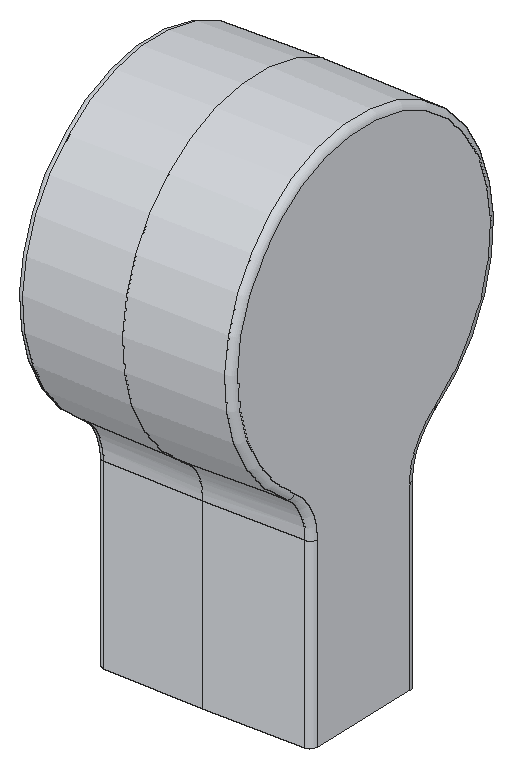
Revit family "Accessory-Robe_Hook-KOHLER-SINGULIER-K-15209T", category Specialty Equipment, host Face, Revit 2017
Family settings
  Host = Face
  Round Connector Dimension = Use Diameter
  Part Type = Normal
  OmniClass Number = 23.31.25.27
  OmniClass Title = Robe Hooks
  Cut with Voids When Loaded = No
  Shared = No
  Room Calculation Point = No
Parameters (values of type "CP- Polished Chrome Plating")
  Width = 1 23/128"  # constant formula
  WaterSense Certified = 1 = 0  # no
  URL = "http://www.kohler.com.cn/en/"
  Type = 1
  Product Page URL = "https://www.kohler.com.cn/product/K-15209T-CP/K-15209T-CP/"
  Product Name = "SINGULIER"  # constant formula
  Product Documentation Link = "https://files.kohler.com.cn/pdfs/k_15205t_22t.pdf"
  Model = if(Type = 1, "K-15209T-CP", "Not available")  # "K-15209T-CP"
  Material = "Metal Construction"  # constant formula
  Master Format 2014 Name = "Toilet, Bath, and Laundry Accessories"  # constant formula
  Master Format 2014 = "10 28 00"  # constant formula
  Manufacturer Address = "No. 158 Jiang Chang San Road, Zhabei District, Shanghai, China"  # constant formula
  Manufacturer = "KOHLER Co."  # constant formula
  Length = 2 61/64"  # constant formula
  Height = 1 213/256"  # constant formula
  Finish = Kohler-Metal-CP-Polished_Chrome
  Environmental Product Declaration = ""
  Description = " single hook"  # constant formula
  Default Elevation = 42"
  Declare Label = ""
  Date Modified = "07/13/2020"  # constant formula
  Date Created = "07/13/2020"  # constant formula
  Copyright = "Copyright KOHLER Co."  # constant formula
  Contact Us = "http://www.kohler.com.cn/en/contact/contact-us/"
  Assembly Code = "C1030200"
  ADA Compliant = 1 = 0  # no
Reference planes (in)
  plane 1 "Center (Front/Back)": y = 0
  plane 2: z = 0
  plane 3 "Center (Left/Right)": x = 0
  plane 4: x = -0.59055
  plane 5: x = 0.59055
  plane 6: y = 0.91535
  plane 7: x = 0.59055
  plane 8: x = -0.58914
  plane 9: y = -0.91668
  plane 10: z = 2.95312
Dimensions and locks (in)
  "Width": plane 8 to plane 7
  "Length": plane 10 to level
  "Height": plane 6 to plane 9
  aligned and locked: plane 2 to host face
  aligned and locked: level to host face
Automatic sketch dimensions
  host sketch curve to host sketch curve = 96"  (x2)
Nested families (in)
  nested 1: "K-15209T" at (0, 0, 0), type "K-15209T"
Definition of nested family "K-15209T"
  Parameters (values of type "K-15209T")
    Material = none
  Reference planes (in)
    plane 1 "Center (Front/Back)": y = 0
    plane 2: z = 0
    plane 3 "Center (Left/Right)": x = 0
    plane 4: x = -0.59055
    plane 5: x = 0.59055
    plane 6: z = 2.95276
    plane 7: y = -0.91535
    plane 8: y = 0.91535
    plane 9: z = 2.04724
  Forms (in)
    Extrusion 1, solid, material <- "Material", detail levels medium+fine
      sketch origin (0, 0, 0) x (0, 1, 0) y (0, 0, 1)
        loop
          arc (0.50166, 1.27174) -> (0.00001, 2.95275) -> (-0.50164, 1.27174) r 0.91535
          arc (-0.50164, 1.27174) -> (-0.40107, 1.16228) -> (-0.36463, 1.01817) r 0.30315
          line (-0.36463, 1.01817) -> (-0.36463, 0) -> (0.36465, 0) -> (0.36465, 1.01817)
          arc (0.36465, 1.01817) -> (0.40109, 1.16228) -> (0.50166, 1.27174) r 0.30315
      from -0.59055 to 0.59055
    Sweep 2, void, detail levels medium+fine
      path in 3D
        loop
          line (-0.59055, -0.36463, 0) -> (-0.59055, -0.36463, 1.01817)
          arc (-0.59055, -0.36463, 1.01817) -> (-0.59055, -0.40107, 1.16228) -> (-0.59055, -0.50164, 1.27174) r 0.30315
          arc (-0.59055, -0.50164, 1.27174) -> (-0.59055, 0.00001, 2.95275) -> (-0.59055, 0.50166, 1.27174) r 0.91535
          arc (-0.59055, 0.50166, 1.27174) -> (-0.59055, 0.40109, 1.16228) -> (-0.59055, 0.36465, 1.01817) r 0.30315
          line (-0.59055, 0.36465, 1.01817) -> (-0.59055, 0.36465, 0)
      profile origin (-0.59055, -0.36463, 0.50909) x (0, 1, 0) y (-1, 0, 0)
        loop
          line (0, -0.59055) -> (0.00963, -0.03868)
          arc (0.00963, -0.03868) -> (0.0214, -0.01129) -> (0.049, 0) r 0.03937
          line (0.049, 0) -> (0, 0) -> (0, -0.59055)
    Sweep 3, void, detail levels medium+fine
      path in 3D
        loop
          line (0.59055, 0.36465, 0) -> (0.59055, 0.36465, 1.01817)
          arc (0.59055, 0.36465, 1.01817) -> (0.59055, 0.40109, 1.16228) -> (0.59055, 0.50166, 1.27174) r 0.30315
          arc (0.59055, 0.50166, 1.27174) -> (0.59055, 0.00001, 2.95275) -> (0.59055, -0.50164, 1.27174) r 0.91535
          arc (0.59055, -0.50164, 1.27174) -> (0.59055, -0.40107, 1.16228) -> (0.59055, -0.36463, 1.01817) r 0.30315
          line (0.59055, -0.36463, 1.01817) -> (0.59055, -0.36463, 0)
      profile origin (0.59055, -0.36463, 0.50909) x (1, 0, 0) y (0, 1, 0)
        loop
          line (-0.59055, 0) -> (0, 0) -> (0, 0.04889)
          arc (0, 0.04889) -> (-0.01126, 0.02137) -> (-0.03857, 0.00963) r 0.03926
          line (-0.03857, 0.00963) -> (-0.59055, 0)
    Extrusion 4, solid, material <- "Material", detail levels coarse
      sketch origin (0, 0, 0) x (0, 1, 0) y (0, 0, 1)
        loop
          line (-0.91535, 2.95276) -> (-0.91535, 1.12205) -> (-0.36463, 1.12205) -> (-0.36463, 0) -> (0.36465, 0) -> (0.36465, 1.12205) -> (0.91535, 1.12205) -> (0.91535, 2.95276) -> (-0.91535, 2.95276)
      from -0.59055 to 0.59055
  Cuts and joins
    Sweep 2, Sweep 3 cuts Extrusion 1
  Lines and regions (in)
    Masking region 1
      outline origin (0, 0, 0) x (1, 0, 0) y (0, 1, 0)
        loop
          line (0, 0.91535) -> (-0.55187, 0.90572)
          arc (-0.55187, 0.90572) -> (-0.57926, 0.89395) -> (-0.59055, 0.86636) r 0.03937
          line (-0.59055, 0.86636) -> (-0.59055, 0) -> (-0.59055, -0.86636)
          arc (-0.59055, -0.86636) -> (-0.57926, -0.89395) -> (-0.55187, -0.90572) r 0.03937
          line (-0.55187, -0.90572) -> (0, -0.91535) -> (0.55187, -0.90572)
          arc (0.55187, -0.90572) -> (0.57926, -0.89395) -> (0.59055, -0.86636) r 0.03937
          line (0.59055, -0.86636) -> (0.59055, 0) -> (0.59055, 0.86636)
          arc (0.59055, 0.86636) -> (0.57926, 0.89395) -> (0.55187, 0.90572) r 0.03937
          line (0.55187, 0.90572) -> (0, 0.91535)
    Masking region 2
      outline origin (0, 0, 0) x (1, 0, 0) y (0, 0, 1)
        loop
          line (0, 2.95276) -> (-0.55187, 2.94312)
          arc (-0.55187, 2.94312) -> (-0.57926, 2.93135) -> (-0.59055, 2.90376) r 0.03937
          line (-0.59055, 2.90376) -> (-0.59055, 0) -> (0, 0) -> (0.59055, 0) -> (0.59055, 2.90376)
          arc (0.59055, 2.90376) -> (0.57926, 2.93135) -> (0.55187, 2.94312) r 0.03937
          line (0.55187, 2.94312) -> (0, 2.95276)
    Masking region 3
      outline origin (0, 0, 0) x (0, 1, 0) y (0, 0, 1)
        loop
          arc (0.50032, 1.27085) -> (0.00066, 2.95273) -> (-0.50141, 1.27157) r 0.91535
          arc (-0.50141, 1.27157) -> (-0.40101, 1.16235) -> (-0.36463, 1.01852) r 0.30247
          line (-0.36463, 1.01852) -> (-0.36463, 0) -> (0.36465, 0) -> (0.36465, 1.02029)
          arc (0.36465, 1.02029) -> (0.40074, 1.16276) -> (0.50032, 1.27085) r 0.29921
    sketch lines
      curve 1: line (-0.59055, -0.36463, 0) -> (-0.59055, -0.36463, 1.01817)
      curve 2: arc (-0.59055, -0.50164, 1.27174) -> (-0.59055, -0.40107, 1.16228) -> (-0.59055, -0.36463, 1.01817) r 0.30315
      curve 3: arc (-0.59055, 0.50166, 1.27174) -> (-0.59055, 0.00001, 2.95275) -> (-0.59055, -0.50164, 1.27174) r 0.91535
      curve 4: arc (-0.59055, 0.36465, 1.01817) -> (-0.59055, 0.40109, 1.16228) -> (-0.59055, 0.50166, 1.27174) r 0.30315
      curve 5: line (-0.59055, 0.36465, 1.01817) -> (-0.59055, 0.36465, 0)
      curve 6: line (0.59055, -0.36463, 1.01817) -> (0.59055, -0.36463, 0)
      curve 7: arc (0.59055, -0.36463, 1.01817) -> (0.59055, -0.40107, 1.16228) -> (0.59055, -0.50164, 1.27174) r 0.30315
      curve 8: arc (0.59055, -0.50164, 1.27174) -> (0.59055, 0.00001, 2.95275) -> (0.59055, 0.50166, 1.27174) r 0.91535
      curve 9: arc (0.59055, 0.50166, 1.27174) -> (0.59055, 0.40109, 1.16228) -> (0.59055, 0.36465, 1.01817) r 0.30315
      curve 10: line (0.59055, 0.36465, 0) -> (0.59055, 0.36465, 1.01817)
    symbolic lines, detail levels medium+fine
      curve 11: line (-0.55187, 0.90572, 0) -> (-0.55187, -0.90572, 0)
      curve 12: line (0.55187, -0.90572, 0) -> (0.55187, 0.90572, 0)
      curve 13: line (0, 0.91535, 0) -> (0, -0.91535, 0)
      curve 14: line (0.55187, 0, 2.94312) -> (0.55187, 0, 0)
      curve 15: line (-0.55187, 0, 2.94312) -> (-0.55187, 0, 0)
      curve 16: line (0, 0, 2.95275) -> (0, 0, 0)
      curve 17: line (0, -0.35499, 0) -> (0, -0.35499, 1.02015)
      curve 18: arc (0, 0.49903, 1.28789) -> (0, 0, 2.94899) -> (0, -0.49903, 1.28789) r 0.90551
      curve 19: arc (0, -0.49903, 1.28789) -> (0, -0.39329, 1.17216) -> (0, -0.35499, 1.02015) r 0.32087
      curve 20: line (0, 0.35499, 0) -> (0, 0.35499, 1.02015)
      curve 21: arc (0, 0.49903, 1.28789) -> (0, 0.39329, 1.17216) -> (0, 0.35499, 1.02015) r 0.32087
  Dimensions and locks (in)
    plane 4 to plane 5 = 1.1811"
    level to plane 6 = 2.95276"
    plane 7 to plane 8 = 1.83071"
    aligned and locked: plane 2 to level
  Automatic sketch dimensions
    profile plane to Sweep 2 sketch curve = 0"
    Sweep 2 sketch curve to profile plane = 0"
    Sweep 2 sketch curve to profile plane = 0.00963"
    Sweep 2 sketch curve to profile plane = 0.049"
    Sweep 2 sketch curve to profile plane = 0.03868"
    Sweep 2 sketch curve to Sweep 2 sketch curve = 0"
    profile plane to Sweep 3 sketch curve = 0"
    Sweep 3 sketch curve to profile plane = 0.00963"
    Sweep 3 sketch curve to profile plane = 0.03857"
    Sweep 3 sketch curve to Sweep 3 sketch curve = 0.00069"
    Sweep 3 sketch curve to profile plane = 0"
    Masking region 1 sketch curve to plane 4 = 0"
    Masking region 1 sketch curve to plane 3 "Center (Left/Right)" = 0"  (x2)
    Masking region 1 sketch curve to plane 5 = 0"
    Masking region 1 sketch curve to plane 7 = 0"
    plane 1 "Center (Front/Back)" to Masking region 1 sketch curve = 0"  (x2)
    plane 8 to Masking region 1 sketch curve = 0"
    plane 8 to Masking region 1 sketch curve = 0.00963"  (x2)
    plane 4 to Masking region 1 sketch curve = 0.03868"  (x2)
    plane 7 to Masking region 1 sketch curve = 0.00963"  (x2)
    plane 5 to Masking region 1 sketch curve = 0.03937"
    Masking region 1 sketch curve to Masking region 1 sketch curve = 0.03937"
    curve 13 to plane 3 "Center (Left/Right)" = 0"
    curve 13 to plane 7 = 0"
    plane 8 to curve 13 = 0"
    plane 8 to curve 11 = 0.00963"
    plane 4 to curve 11 = 0.03868"
    plane 8 to curve 12 = 0.00963"
    plane 5 to curve 12 = 0.03868"
    plane 7 to curve 12 = 0.00963"
    plane 7 to curve 11 = 0.00963"
    Extrusion 1 sketch curve to level = 0"
    plane 7 to Extrusion 1 sketch curve = 0.24758"
    plane 1 "Center (Front/Back)" to Extrusion 1 sketch curve = 0.36463"
    Extrusion 1 sketch curve to plane 1 "Center (Front/Back)" = 0"
    Extrusion 1 sketch curve to plane 1 "Center (Front/Back)" = 0.36465"
    plane 8 to Extrusion 1 sketch curve = 0.24755"
    Extrusion 1 sketch curve to Extrusion 1 sketch curve = 1.01817"
    level to Extrusion 1 sketch curve = 1.01817"
    plane 9 to Extrusion 1 sketch curve = 0.00985"
    Extrusion 1 sketch curve to Extrusion 1 sketch curve = 0"
    Masking region 2 sketch curve to level = 0"
    Masking region 2 sketch curve to plane 4 = 0"
    Masking region 2 sketch curve to plane 3 "Center (Left/Right)" = 0"  (x2)
    plane 5 to Masking region 2 sketch curve = 0"
    Masking region 2 sketch curve to plane 6 = 0"
    Masking region 2 sketch curve to plane 6 = 0.00963"  (x2)
    plane 4 to Masking region 2 sketch curve = 0.03868"
    plane 5 to Masking region 2 sketch curve = 0.03937"
    curve 15 to level = 0"
    curve 16 to plane 3 "Center (Left/Right)" = 0"
    curve 14 to level = 0"
    curve 16 to level = 0"
    plane 4 to curve 15 = 0.03868"
    plane 5 to curve 14 = 0.03868"
    curve 15 to plane 6 = 0.00963"
    curve 14 to plane 6 = 0.00963"
    curve 16 to plane 6 = 0"
    Masking region 3 sketch curve to level = 0"
    plane 7 to Masking region 3 sketch curve = 0.24826"
    plane 1 "Center (Front/Back)" to Masking region 3 sketch curve = 0.36463"
    Masking region 3 sketch curve to plane 1 "Center (Front/Back)" = 0"
    Masking region 3 sketch curve to plane 1 "Center (Front/Back)" = 0.36465"
    plane 8 to Masking region 3 sketch curve = 0.25149"
    Masking region 3 sketch curve to Masking region 3 sketch curve = 1.01852"
    Masking region 3 sketch curve to Masking region 3 sketch curve = 0.00177"
    plane 9 to Masking region 3 sketch curve = 0.00987"
    Masking region 3 sketch curve to Masking region 3 sketch curve = 0"
    curve 17 to level = 0"
    curve 18 to plane 1 "Center (Front/Back)" = 0"
    curve 20 to level = 0"
    plane 1 "Center (Front/Back)" to curve 17 = 0.35499"
    plane 7 to curve 19 = 0.23949"
    curve 20 to plane 1 "Center (Front/Back)" = 0.35499"
    plane 8 to curve 21 = 0.23949"
    curve 17 to curve 20 = 0"
    plane 9 to curve 18 = 0.00376"
    curve 20 to curve 21 = 0.14404"
    curve 18 to curve 19 = 0"
    Extrusion 4 sketch curve to plane 7 = 0"
    Extrusion 4 sketch curve to level = 0"
    Extrusion 4 sketch curve to plane 8 = 0"
    Extrusion 4 sketch curve to plane 6 = 0"
    Extrusion 4 sketch curve to plane 1 "Center (Front/Back)" = 0.36465"
    plane 9 to Extrusion 4 sketch curve = 0.9252"  (x2)
    plane 1 "Center (Front/Back)" to Extrusion 4 sketch curve = 0.36463"
